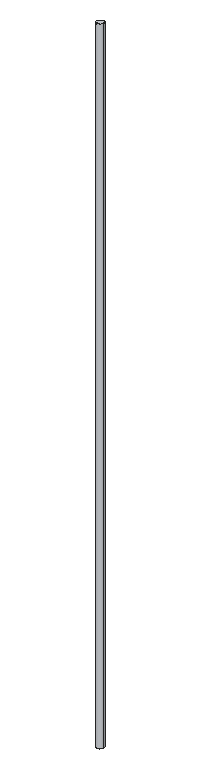
Revit family "0066756 Sylvania Lighting Fixture Skyline Street XL 17-30klm NW NR14 I 9022", category Lighting Fixtures, host Face, Revit 2016
Family settings
  Host = Face
  Part Type = Normal
  Round Connector Dimension = Use Diameter
  OmniClass Number = 23.80.70.00
  OmniClass Title = Lighting
  Cut with Voids When Loaded = No
  Light Source = Yes
  Shared = No
  Room Calculation Point = No
Parameters (values of type "0066756 SKS XL 17-30KLM NW NR14 I 9022 ")
  base height = 40 mm
  backplate diameter = 256 mm
  Weight = "n/a"
  Wattage Comments = ""
  Wattage = 9.2903 W
  WarrantyStartDate [instance] = "n/a"
  WarrantyGuarantorParts = "n/a"
  WarrantyDurationUnit = "n/a"
  WarrantyDurationParts = ""
  WarrantyDescription = "http://www.sylvania-lighting.com"
  built-in parameter 1150110 = 1 (stored number, unit not read)
  Voltage = 0 V
  URL = "0.98"
  TypeName = "Skyline Street XL 17-30klm NW NR14 I 9022"
  Type Image = <None>
  Type Comments = "n/a"
  Tube Diameter = 80 mm
  built-in parameter 1114217 = 1 (stored number, unit not read)
  Tilt Angle = 90.00°
  built-in parameter 1150109 = 1 (stored number, unit not read)
  built-in parameter 1150134 = 3
  built-in parameter 1150113 = 1 (stored number, unit not read)
  SerialNumber [instance] = "n/a"
  Photometric Web File = "0066756.ies"
  Material_3_FEILO = none
  PowerFactor = 0
  PowerConsumption = "Lighting"
  NominalLength = 415 mm
  NominalHeight = 0 mm
  NominalDepth = 0 mm
  Name = "Skyline Street XL 17-30klm NW NR14 I 9022"
  ModelReference = Name  # "Skyline Street XL 17-30klm NW NR14 I 9022"
  ModelNumber = "0066756"
  Model = Name  # "Skyline Street XL 17-30klm NW NR14 I 9022"
  Material = "Feilo Sylvania"
  ManufacturerName = "124 lm/W"
  Manufacturer = ""
  LuminousEfficacy = ""
  built-in parameter 1150105 = 109.82 (stored number, unit not read)
  Lumens = 1380 lm
  LuminaireType = "0"
  built-in parameter 1150115 = 1 (stored number, unit not read)
  LightOutputRatio = "LED"
  built-in parameter 1150137 = (empty or 0)
  built-in parameter 1150139 = (empty or 0)
  LampsType = Lamp  # "n/a"
  LampNominalLuminous = "4000 K"
  LampMacAdamStep = "70"
  LampColourTemperature = "LED"
  LampColourRenderingIndex = "16500"
  built-in parameter 1150112 = 1 (stored number, unit not read)
  built-in parameter 1150114 = 1 (stored number, unit not read)
  Lamp = "n/a"
  Keynote = "n/a"
  InstallationDate [instance] = "n/a"
  InputVoltage = "0"
  InputNominalFrequency = "4000"
  built-in parameter 1150132 = (empty or 0)
  built-in parameter 1150102 = (empty or 0)
  built-in parameter 1150107 = 3200 (stored number, unit not read)
  built-in parameter 1150138 = (empty or 0)
  IngressProtection = "IfcLightFixtureType"
  ImpactProtectionIndex = "IfcLightFixtureType"
  built-in parameter 1150106 = 1.0982 (stored number, unit not read)
  IfcExportType = "IfcLightFixtureType"
  IfcExportAs = "Class I"
  Height = 250 mm
  ExpectedLife = 50000
  Emit from Circle Diameter = 609.6 mm
  Emit Shape Visible in Rendering = no
  ElectricShockClassification = "124"
  built-in parameter 1150104 = 13.8 (stored number, unit not read)
  DurationUnit = "hours"
  DocumentationLiterature = "http://www.sylvania-lighting.com/product/en-int/products/0066756"
  DimmingControlOptions = "n/a"
  Material_2_FEILO = none
  Dimming Lamp Color Temperature Shift = <None>
  Diameter = 350 mm
  Description = "The Skyline Street family is dedicated for road lighting applications. Light distribution: NR14 - Narrow Road, color temperature: 4000K , total system power: 244W, total fixture output: 30362lm, luminaire efficacy: 124lm/W, LOR: 100%, colour rendering index: 70, LED Chromaticity: 5 step MacAdam ellipse tolerance, lifetime: 100000 hours at L90B50 @ 50°C, energy class: A++, A+, A, operating voltage: 220-240V / 50-60Hz, electronic driver, Without Controls, power factor: min. 0.9, electrical protection: Class I, Ingress protection rating: IP66, Impact resistance: IK08, dimensions: 915 x 415 x 140mm, weight: 15 kg, for 42-60mm side entry or post top installation with +/-15° adjustability, the housing is made of Die Cast Aluminium in RAL9022 color combined with tempered flat glass cover."
  Default Elevation = 1219.2 mm
  CreatedOn = "02/12/2019"
  CreatedBy = "@sylvania-lighting.com"
  Cost = 0
  Color Filter = 16777215
  built-in parameter 1114216 [instance] = (empty or 0)
  ClassificationValue = "EF_70_80"
  ClassificationName = "Uniclass2015"
  Material_1_FEILO = none
  BarCode [instance] = "n/a"
  built-in parameter 1114218 = 1 (stored number, unit not read)
  built-in parameter 1150133 = 10 (stored number, unit not read)
  AssetType = "Fixed"
  AssetIdentifier [instance] = "n/a"
  Assembly Code = "D5020200"
  Apparent Load = 244 VA
  Material_4_FEILO = none
Reference planes
  plane 1 "Center (Front/Back)": y = 0
  plane 2: z = 0
  plane 3 "Center (Left/Right)": x = 0
  plane 4: z = 0
  plane 5: y = 128
  plane 6: y = -128
  plane 7: y = 175
  plane 8: y = -175
  plane 9: z = 40
Forms (mm)
  Extrusion 1, solid, detail levels coarse
    sketch origin (43.618, 0, 5999.295) x (1, 0, 0) y (0, 0, 1)
      loop
        line (-755, 240.919) -> (-755, 0.868) -> (39.922, 0.868) -> (39.922, 240.919) -> (-755, 240.919)
    from -207.534 to 207.466
  Extrusion 2, solid
    sketch origin (4.2, 0, 0) x (1, 0, 0) y (0, 1, 0)
      loop
        circle (-4.2, 0) r 30
    from 0 to 6000
Dimensions and locks
  "backplate diameter": plane 5 to plane 6
  equal spacing: plane 5, plane 1 "Center (Front/Back)", plane 6
  "Diameter": plane 7 to plane 8
  equal spacing: plane 7, plane 1 "Center (Front/Back)", plane 8
  "base height": plane 9 to level
  aligned and locked: plane 2 to host face
  aligned and locked: level to host face
Automatic sketch dimensions
  host sketch curve to host sketch curve = 2438.4 mm  (x2)
  level to Extrusion 1 sketch curve = 6000.163 mm
  Extrusion 1 sketch curve to plane 3 "Center (Left/Right)" = 711.382 mm
  plane 3 "Center (Left/Right)" to Extrusion 1 sketch curve = 83.54 mm
  plane 9 to Extrusion 1 sketch curve = 6200.213 mm
  plane 1 "Center (Front/Back)" to Extrusion 2 sketch curve = 0 mm
  Extrusion 2 sketch curve to plane 3 "Center (Left/Right)" = 0 mm
  radius of Extrusion 2 sketch curve = 30 mm
Connectors
  electrical at (0, 0, 0), driven by "Apparent Load", driven by "PowerFactor", driven by "Voltage"
    settings: index 1, voltage 0 V, apparent load 244 VA, apparent load phase1 0 VA, apparent load phase2 0 VA, apparent load phase3 0 VA, power factor 0, load classification "Lighting", number of poles 1, system type 30, power factor state 1, is connector primary yes, connector utility no, sub classification motor no, connector description ""
